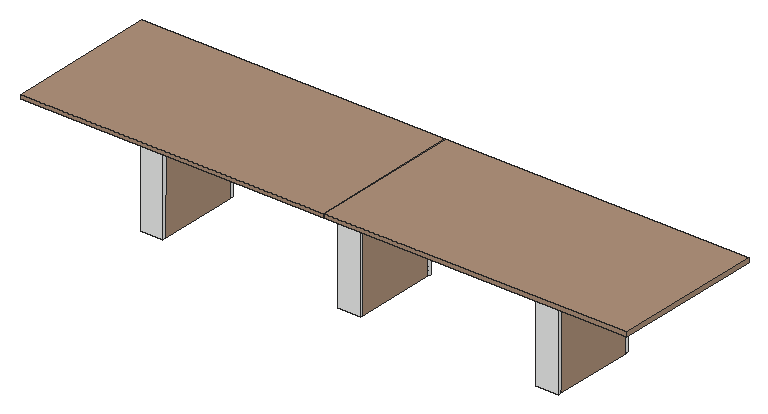
Revit family "Tables-Meeting-Teknion-BC_CHP_Height_Adjustable_Conference_Table_Panel_Bases-R2019", category Furniture, Revit 2019
Family settings
  OmniClass Number = 23.40.20.00
  OmniClass Title = General Furniture and Specialties
  Work Plane-Based = No
  Always vertical = Yes
  Cut with Voids When Loaded = No
  Shared = Yes
  Room Calculation Point = No
Parameters (values of type "1 3/16" Worksurface Thickness, Standard Range, 42" Depth")
  Worksurface Thickness = 1.189"
  Worksurface Finish [instance] = Source Laminate - Teknion - 3M - Provincial Oak
  Width [instance] = 168.000"
  Warranty = "http://www.teknion.com/ca/papers/legal-canada"
  Unit Weight URL = "http://www.teknion.com/ca/tools/assets#&asset=bee6a381-b954-425e-8283-5a2de3a804f2,f828d448-4b62-4231-9e5f-9a8991c0ed77"
  URL = "www.teknion.com"
  Two Sections [instance] = Width < 150.000"  # no
  To render please download texture images found here [instance] = "https://assets.teknion.com/web/5e81352c1dfdb467/revit-material-swatches/"
  Three Sections [instance] = not(Two Sections)  # yes
  Sustainability Data = "https://www.teknion.com/ca/tools/assets#&topic=216f99a5-57a0-44fc-b10a-9dee9b29ae4c&asset=444deb64-fe58-4b68-981e-f75e97781df7,b4ff2d81-9f2e-437d-9659-7cffb09c31cf"
  Support Finish [instance] = Paint - Teknion - Mica - Very White
  Straight Corner [instance] = not(Radius Corner)  # yes
  Series = "Expansion Casegoods"  # constant formula
  Radius Corner [instance] = no
  Round Corner Offset [instance] = if(Radius Corner, 4.000", 0.500")  # 0.500"
  Product Page URL = "https://www.teknion.com/ca/products/product-details?productlineid=0053336e-8e7a-673b-a6c8-ff00004460c4"
  Product Line = "Expansion Casegoods"  # constant formula
  Product Documentation Link = "https://www.teknion.com/pricing/expansion-casegoods/pdfs/BC_CHP_ppg.pdf"
  Power Pill Quad [instance] = no
  Power Pill Cut-Out Options [instance] = "Select one of the options below. Linear Power Module Extended 18\" is not available with 156\" and 168\" Width options."  # constant formula
  Power [instance] = if(Power Pill Quad, 4.000", 0.500")  # 0.500"
  Part Number = "BC_CHP"  # constant formula
  No Cut-Out [instance] = not(or([Linear Power Module Extended  28"], [Linear Power Module Standard 18"], Power Pill Quad))  # yes
  Model = "BCMCHPS42_____"
  Manufacturer Phone = "416-661-3370"  # constant formula
  Manufacturer Fax = "416.661.4586"  # constant formula
  Manufacturer Contact Information = "http://www.teknion.com/ca/contactus"
  Manufacturer Address = "1150 Flint Road, Toronto, ON. M3J 2J5. Canada"  # constant formula
  Manufacturer = "Teknion"  # constant formula
  Linear Power Module Standard 18" [instance] = no
  Linear Power Module Extended  28" [instance] = no
  Linear 28 [instance] = if([Linear Power Module Extended  28"], 4.000", 0.500")  # 0.500"
  Linear 18 [instance] = if([Linear Power Module Standard 18"], 4.000", 0.500")  # 0.500"
  Leg Offset [instance] = if(Width = 108.000", 20.112", if(Width = 120.000", 21.112", if(Width = 132.000", 23.112", if(Width = 144.000", 27.112", if(Width = 156.000", 25.112", 29.112")))))  # 29.112"
  How To Use Teknion Materials User Guide [instance] = "https://assets.teknion.com/m/205dd0a49fa58060/original/How-to-add-a-Material-Library-and-Texture-Images-to-your-Revit-project.pdf"
  Height [instance] = 29.000"
  Frame Depth = if(Depth > 53.000", 40.819", 34.819")  # 34.819"
  For Additional Finishes please visit [instance] = "https://assets.teknion.com/m/44a8009b046e5d47/original/Teknion_Materials_Library.zip"
  Description = "Height-Adjustable Conference Table - Panel Base, 1 3/16\" Worksurface Thickness, Standard Range - 28\" to 43\", 42\" Depth"
  Depth = 41.790"
  Corner Detail Option [instance] = "Select one of the options below"  # constant formula
  Base Infill Finish [instance] = Source Laminate - Teknion - 3M - Provincial Oak
  Available Widths [instance] = if(Depth > 53.000", "120\", 132\", 144\", 156\", or 168\"", "108\", 120\", 132\", 144\", 156\", or 168\"")  # "108\", 120\", 132\", 144\", 156\", or 168\""
  Available Heights [instance] = "Standard Range - 28\" to 43\""  # constant formula
  Assembly Code = "E2020200"
  Actual Width [instance] = if(Width = 108.000", 107.460", if(Width = 120.000", 119.460", if(Width = 132.000", 131.340", if(Width = 144.000", 143.280", if(Width = 156.000", 155.220", 167.160")))))  # 167.160"
Reference planes (in)
  plane 1 "Center Front/Back": y = 0
  plane 2: z = 0
  plane 3 "Center Left/Right": x = 0
  plane 4 "Left": x = -83.58
  plane 5 "Right": x = 83.58
  plane 6 "Back": y = 20.895
  plane 7 "Front": y = -20.895
  plane 8 "Top": z = 29
  plane 9: y = 17.4095
  plane 10: y = -17.4095
  plane 11: x = -54.468
  plane 12: x = 54.468
  plane 13: z = 27.811
  plane 14: z = 0.60236
  plane 15: z = 26.05315
  plane 16: z = 26.60628
Forms (in)
  Sweep 1, solid, material "Paint - Teknion - Mica - Very White" <- "Support Finish"
    path origin (0, 0, 0) x (1, 0, 0) y (0, 1, 0)
      loop
        line (-71.58, 0) -> (71.58, 0)
    profile origin (0, 0, 0) x (0, 1, 0) y (0, 0, 1)
      loop
        line (17.4095, 27.811) -> (12.92126, 27.811) -> (12.92126, 27.69289) -> (13.3937, 27.69289) -> (13.3937, 26.60628) -> (16.93701, 26.60628) -> (16.93701, 27.69289) -> (17.4095, 27.69289) -> (17.4095, 27.811)
      loop
        line (-12.92126, 27.811) -> (-17.4095, 27.811) -> (-17.4095, 27.69289) -> (-16.93706, 27.69289) -> (-16.93706, 26.60628) -> (-13.39375, 26.60628) -> (-13.39375, 27.69289) -> (-12.92126, 27.69289) -> (-12.92126, 27.811)
  Sweep 2, solid, material "Source Laminate - Teknion - 3M - Provincial Oak" <- "Worksurface Finish"
    path origin (0, 0, 0) x (1, 0, 0) y (0, 0, 1)
      loop
        line (0, 27.811) -> (0, 29)
    profile origin (0, 0, 28.4055) x (-1, 0, 0) y (0, -1, 0)
      loop
        line (83.58, -20.895) -> (83.58, 20.895) -> (0, 20.895) -> (0, -20.895) -> (83.58, -20.895)
  Sweep 3, solid, material "Source Laminate - Teknion - 3M - Provincial Oak" <- "Worksurface Finish"
    path origin (0, 0, 0) x (1, 0, 0) y (0, 0, 1)
      loop
        line (0, 27.811) -> (0, 29)
    profile origin (0, 0, 28.4055) x (-1, 0, 0) y (0, -1, 0)
      loop
        line (0, -20.895) -> (0, 20.895) -> (-83.58, 20.895) -> (-83.58, -20.895) -> (0, -20.895)
  Sweep 4, solid, material "Paint - Teknion - Mica - Very White" <- "Support Finish"
    path origin (0, 0, 0) x (1, 0, 0) y (0, 1, 0)
      loop
        line (-58.20795, 0) -> (-50.72764, 0)
    profile origin (-54.4678, 0, 0) x (0, 1, 0) y (0, 0, 1)
      loop
        line (13.3937, 26.82677) -> (13.3937, 27.811) -> (-13.3937, 27.811) -> (-13.3937, 26.82677) -> (-13.20472, 26.82677) -> (-13.20472, 27.62205) -> (13.20472, 27.62205) -> (13.20472, 26.82677) -> (13.3937, 26.82677)
  Sweep 5, solid, material "Paint - Teknion - Mica - Very White" <- "Support Finish", visible <- "Three Sections"
    path origin (0, 0, 0) x (1, 0, 0) y (0, 1, 0)
      loop
        line (-3.74016, 0) -> (3.74016, 0)
    profile origin (0, 0, 0) x (0, 1, 0) y (0, 0, 1)
      loop
        line (13.20472, 26.82677) -> (13.3937, 26.82677) -> (13.3937, 27.811) -> (-13.3937, 27.811) -> (-13.3937, 26.82677) -> (-13.20472, 26.82677) -> (-13.20472, 27.62205) -> (13.20472, 27.62205) -> (13.20472, 26.82677)
  Sweep 6, solid, material "Paint - Teknion - Mica - Very White" <- "Support Finish", not visible
    path origin (0, 0, 0) x (1, 0, 0) y (0, 1, 0)
      loop
        line (50.72764, 0) -> (58.20795, 0)
    profile origin (54.4678, 0, 0) x (0, 1, 0) y (0, 0, 1)
      loop
        line (13.20472, 26.82677) -> (13.3937, 26.82677) -> (13.3937, 27.811) -> (-13.3937, 27.811) -> (-13.3937, 26.82677) -> (-13.20472, 26.82677) -> (-13.20472, 27.62205) -> (13.20472, 27.62205) -> (13.20472, 26.82677)
  Sweep 7, solid, material "Paint - Teknion - Mica - Very White" <- "Support Finish"
    path origin (0, 0, 0) x (1, 0, 0) y (0, 0, 1)
      loop
        line (0, 0.60236) -> (0, 26.05315)
    profile origin (0, 0, 13.32776) x (-1, 0, 0) y (0, -1, 0)
      loop
        line (-57.58, -12) -> (-51.35559, -12) -> (-51.35559, -11.17323) -> (-52.05638, -11.17323) -> (-52.05638, -11.13386) -> (-56.87921, -11.13386) -> (-56.87921, -11.17323) -> (-57.58, -11.17323) -> (-57.58, -12)
      loop
        line (-51.35559, 12) -> (-57.58, 12) -> (-57.58, 11.17323) -> (-56.87921, 11.17323) -> (-56.87921, 11.13386) -> (-52.05638, 11.13386) -> (-52.05638, 11.17323) -> (-51.35559, 11.17323) -> (-51.35559, 12)
      loop
        line (51.35559, -12) -> (57.58, -12) -> (57.58, -11.17323) -> (56.87921, -11.17323) -> (56.87921, -11.13386) -> (52.05638, -11.13386) -> (52.05638, -11.17323) -> (51.35559, -11.17323) -> (51.35559, -12)
      loop
        line (57.58, 12) -> (51.35559, 12) -> (51.35559, 11.17323) -> (52.05638, 11.17323) -> (52.05638, 11.13386) -> (56.87921, 11.13386) -> (56.87921, 11.17323) -> (57.58, 11.17323) -> (57.58, 12)
  Sweep 8, solid, material "Source Laminate - Teknion - 3M - Provincial Oak" <- "Base Infill Finish"
    path origin (0, 0, 0) x (1, 0, 0) y (0, 1, 0)
      loop
        line (0, -11.13386) -> (0, 11.13386)
    profile origin (0, 0, 0) x (-1, 0, 0) y (0, 0, 1)
      loop
        line (57.58, 0.60236) -> (57.58, 26.05315) -> (56.87921, 26.05315) -> (56.87921, 0.60236) -> (57.58, 0.60236)
      loop
        line (52.05638, 26.05315) -> (51.35559, 26.05315) -> (51.35559, 0.60236) -> (52.05638, 0.60236) -> (52.05638, 26.05315)
      loop
        line (-51.35559, 26.05315) -> (-52.05638, 26.05315) -> (-52.05638, 0.60236) -> (-51.35559, 0.60236) -> (-51.35559, 26.05315)
      loop
        line (-57.58, 0.60236) -> (-56.87921, 0.60236) -> (-56.87921, 26.05315) -> (-57.58, 26.05315) -> (-57.58, 0.60236)
  Sweep 9, solid, material "Paint - Teknion - Mica - Very White" <- "Support Finish"
    path origin (0, 0, 0) x (1, 0, 0) y (0, 0, 1)
      loop
        line (0, 10.45669) -> (0, 27.811)
    profile origin (0, 0, 19.13385) x (-1, 0, 0) y (0, -1, 0)
      loop
        line (52.32606, -10.8937) -> (56.60953, -10.8937) -> (56.60953, 10.8937) -> (52.32606, 10.8937) -> (52.32606, -10.8937)
      loop
        line (52.49929, -2.68504) -> (56.4363, -2.68504) -> (56.4363, 2.68504) -> (52.49929, 2.68504) -> (52.49929, -2.68504)
      loop
        line (-52.32606, -10.8937) -> (-52.32606, 10.8937) -> (-56.60953, 10.8937) -> (-56.60953, -10.8937) -> (-52.32606, -10.8937)
      loop
        line (-52.49929, -2.68504) -> (-52.49929, 2.68504) -> (-56.4363, 2.68504) -> (-56.4363, -2.68504) -> (-52.49929, -2.68504)
  Sweep 10, solid, material "Source Laminate - Teknion - 3M - Provincial Oak" <- "Base Infill Finish", visible <- "Three Sections"
    path origin (0, 0, 0) x (1, 0, 0) y (0, 1, 0)
      loop
        line (0, -11.13386) -> (0, 11.13386)
    profile origin (0, 0, 0) x (-1, 0, 0) y (0, 0, 1)
      loop
        line (3.1122, 26.05315) -> (2.41142, 26.05315) -> (2.41142, 0.60236) -> (3.1122, 0.60236) -> (3.1122, 26.05315)
      loop
        line (-2.41142, 0.60236) -> (-2.41142, 26.05315) -> (-3.1122, 26.05315) -> (-3.1122, 0.60236) -> (-2.41142, 0.60236)
  Sweep 11, solid, material "Paint - Teknion - Mica - Very White" <- "Support Finish", visible <- "Three Sections"
    path origin (0, 0, 0) x (1, 0, 0) y (0, 0, 1)
      loop
        line (0, 0.60236) -> (0, 26.05315)
    profile origin (0, 0, 13.32776) x (-1, 0, 0) y (0, -1, 0)
      loop
        line (-3.1122, -12) -> (3.1122, -12) -> (3.1122, -11.17323) -> (2.41142, -11.17323) -> (2.41142, -11.13386) -> (-2.41142, -11.13386) -> (-2.41142, -11.17323) -> (-3.1122, -11.17323) -> (-3.1122, -12)
      loop
        line (3.1122, 12) -> (-3.1122, 12) -> (-3.1122, 11.17323) -> (-2.41142, 11.17323) -> (-2.41142, 11.13386) -> (2.41142, 11.13386) -> (2.41142, 11.17323) -> (3.1122, 11.17323) -> (3.1122, 12)
  Sweep 12, solid, material "Paint - Teknion - Mica - Very White" <- "Support Finish", visible <- "Three Sections"
    path origin (0, 0, 0) x (1, 0, 0) y (0, 0, 1)
      loop
        line (0, 27.811) -> (0, 10.45669)
    profile origin (0, 0, 19.13385) x (0, -1, 0) y (1, 0, 0)
      loop
        line (-10.8937, -2.14173) -> (10.8937, -2.14173) -> (10.8937, 2.14173) -> (-10.8937, 2.14173) -> (-10.8937, -2.14173)
      loop
        line (-2.68504, -1.9685) -> (2.68504, -1.9685) -> (2.68504, 1.9685) -> (-2.68504, 1.9685) -> (-2.68504, -1.9685)
  Sweep 13, solid, material "Paint - Teknion - Mica - Very White" <- "Support Finish"
    path origin (0, 0, 0) x (1, 0, 0) y (0, 0, 1)
      loop
        line (0, 0.60236) -> (0, 0.79134)
    profile origin (0, 0, 0.69685) x (-1, 0, 0) y (0, -1, 0)
      loop
        line (52.2611, 7.68858) -> (56.67449, 7.68858) -> (56.67449, 11.13386) -> (52.2611, 11.13386) -> (52.2611, 7.68858)
      loop
        line (56.67449, -7.68858) -> (52.2611, -7.68858) -> (52.2611, -11.13386) -> (56.67449, -11.13386) -> (56.67449, -7.68858)
      loop
        line (-52.2611, -7.68858) -> (-56.67449, -7.68858) -> (-56.67449, -11.13386) -> (-52.2611, -11.13386) -> (-52.2611, -7.68858)
      loop
        line (-56.67449, 7.68858) -> (-52.2611, 7.68858) -> (-52.2611, 11.13386) -> (-56.67449, 11.13386) -> (-56.67449, 7.68858)
  Sweep 14, solid, material "Paint - Teknion - Mica - Very White" <- "Support Finish", visible <- "Three Sections"
    path origin (0, 0, 0) x (1, 0, 0) y (0, 0, 1)
      loop
        line (0, 0.60236) -> (0, 0.79134)
    profile origin (0, 0, 0.69685) x (-1, 0, 0) y (0, -1, 0)
      loop
        line (2.20669, -7.68858) -> (-2.20669, -7.68858) -> (-2.20669, -11.13386) -> (2.20669, -11.13386) -> (2.20669, -7.68858)
      loop
        line (-2.20669, 7.68858) -> (2.20669, 7.68858) -> (2.20669, 11.13386) -> (-2.20669, 11.13386) -> (-2.20669, 7.68858)
  Sweep 15, solid, material "Plastic - Teknion - E - Ebony"
    path origin (0, 0, 0) x (1, 0, 0) y (0, 0, 1)
      loop
        line (0, 0) -> (0, 0.60236)
    profile origin (0, 0, 0.30118) x (-1, 0, 0) y (0, -1, 0)
      loop
        circle (54.468, 9.62166) r 0.5
      loop
        circle (54.468, -9.62166) r 0.5
      loop
        circle (-54.468, 9.62166) r 0.5
      loop
        circle (-54.468, -9.62166) r 0.5
  Sweep 16, solid, material "Paint - Teknion - Mica - Very White" <- "Support Finish", visible <- "Two Sections"
    path origin (0, 0, 0) x (1, 0, 0) y (0, 1, 0)
      loop
        line (-50.35559, 0) -> (50.35559, 0)
    profile origin (0, 0, 0) x (0, 1, 0) y (0, 0, 1)
      loop
        line (4.23228, 27.811) -> (-4.23228, 27.811) -> (-4.23228, 24.18898) -> (4.23228, 24.18898) -> (4.23228, 27.811)
  Sweep 17, solid, material "Paint - Teknion - Mica - Very White" <- "Support Finish", visible <- "Three Sections"
    path origin (0, 0, 0) x (1, 0, 0) y (0, 1, 0)
      loop
        line (0, -4.23228) -> (0, 4.23228)
    profile origin (0, 0, 0) x (-1, 0, 0) y (0, 0, 1)
      loop
        line (50.35559, 24.18898) -> (50.35559, 27.811) -> (4.1122, 27.811) -> (4.1122, 24.18898) -> (50.35559, 24.18898)
      loop
        line (-50.35559, 24.18898) -> (-4.1122, 24.18898) -> (-4.1122, 27.811) -> (-50.35559, 27.811) -> (-50.35559, 24.18898)
  Sweep 18, void
    path origin (0, 0, 0) x (1, 0, 0) y (0, 0, 1)
      loop
        line (0, 26) -> (0, 26.5)
    profile origin (0, 0, 26.25) x (-1, 0, 0) y (0, -1, 0)
      loop
        line (83.58, -20.895) -> (83.58, -18.02)
        arc (83.58, -18.02) -> (82.73793, -20.05293) -> (80.705, -20.895) r 2.875
        line (80.705, -20.895) -> (83.58, -20.895)
      loop
        line (83.58, 20.895) -> (80.705, 20.895)
        arc (80.705, 20.895) -> (82.73793, 20.05293) -> (83.58, 18.02) r 2.875
        line (83.58, 18.02) -> (83.58, 20.895)
      loop
        line (-83.58, -20.895) -> (-80.705, -20.895)
        arc (-80.705, -20.895) -> (-82.73793, -20.05293) -> (-83.58, -18.02) r 2.875
        line (-83.58, -18.02) -> (-83.58, -20.895)
      loop
        line (-83.58, 20.895) -> (-83.58, 18.02)
        arc (-83.58, 18.02) -> (-82.73793, 20.05293) -> (-80.705, 20.895) r 2.875
        line (-80.705, 20.895) -> (-83.58, 20.895)
  Sweep 19, void
    path origin (0, 0, 0) x (1, 0, 0) y (0, 0, 1)
      loop
        line (0, 26) -> (0, 26.5)
    profile origin (0, 0, 26.25) x (-1, 0, 0) y (0, -1, 0)
      loop
        line (33.24142, -2.32283) -> (50.01307, -2.32283) -> (50.01307, 2.32283) -> (33.24142, 2.32283) -> (33.24142, -2.32283)
      loop
        line (-33.24142, 2.32283) -> (-50.01307, 2.32283) -> (-50.01307, -2.32283) -> (-33.24142, -2.32283) -> (-33.24142, 2.32283)
  Sweep 20, void
    path origin (0, 0, 0) x (1, 0, 0) y (0, 0, 1)
      loop
        line (0, 26) -> (0, 26.5)
    profile origin (0, 0, 26.25) x (-1, 0, 0) y (0, -1, 0)
      loop
        line (13.4252, -2.32283) -> (13.4252, 2.32283) -> (-13.4252, 2.32283) -> (-13.4252, -2.32283) -> (13.4252, -2.32283)
  Sweep 21, void
    path origin (0, 0, 0) x (1, 0, 0) y (0, 0, 1)
      loop
        line (0, 26.5) -> (0, 26)
    profile origin (0, 0, 26.25) x (0, -1, 0) y (1, 0, 0)
      loop
        arc (-1.65354, -47.21583) -> (0, -48.86937) -> (1.65354, -47.21583) r 1.65354
        line (1.65354, -47.21583) -> (1.65354, -42.72764)
        arc (1.65354, -42.72764) -> (0, -41.0741) -> (-1.65354, -42.72764) r 1.65354
        line (-1.65354, -42.72764) -> (-1.65354, -47.21583)
      loop
        arc (-1.65354, 42.72764) -> (0, 41.0741) -> (1.65354, 42.72764) r 1.65354
        line (1.65354, 42.72764) -> (1.65354, 47.21583)
        arc (1.65354, 47.21583) -> (0, 48.86937) -> (-1.65354, 47.21583) r 1.65354
        line (-1.65354, 47.21583) -> (-1.65354, 42.72764)
  Sweep 22, solid, material "Plastic - Teknion - E - Ebony", visible <- "Three Sections"
    path origin (0, 0, 0) x (1, 0, 0) y (0, 0, 1)
      loop
        line (0, 0) -> (0, 0.60236)
    profile origin (0, 0, 0.30118) x (-1, 0, 0) y (0, -1, 0)
      loop
        circle (0, 9.62166) r 0.5
      loop
        circle (0, -9.62166) r 0.5
Cuts and joins
  Sweep 18, Sweep 19, Sweep 20, Sweep 21 cuts Sweep 2
  Sweep 18, Sweep 19, Sweep 20, Sweep 21 cuts Sweep 3
Lines and regions (in)
  Masking region 1, visible <- "Straight Corner"
    outline origin (0, 0, 0) x (1, 0, 0) y (0, 1, 0)
      loop
        line (-83.58, 20.895) -> (-83.58, -20.895) -> (0, -20.895) -> (0, 20.895) -> (-83.58, 20.895)
  Masking region 2, visible <- "Straight Corner"
    outline origin (0, 0, 0) x (1, 0, 0) y (0, 1, 0)
      loop
        line (0, 20.895) -> (0, -20.895) -> (83.58, -20.895) -> (83.58, 20.895) -> (0, 20.895)
  Masking region 3, visible <- "Radius Corner"
    outline origin (0, 0, 0) x (1, 0, 0) y (0, 1, 0)
      loop
        line (0, 20.895) -> (-80.705, 20.895)
        arc (-80.705, 20.895) -> (-82.73793, 20.05293) -> (-83.58, 18.02) r 2.875
        line (-83.58, 18.02) -> (-83.58, -18.02)
        arc (-83.58, -18.02) -> (-82.73793, -20.05293) -> (-80.705, -20.895) r 2.875
        line (-80.705, -20.895) -> (0, -20.895) -> (0, 20.895)
  Masking region 4, visible <- "Radius Corner"
    outline origin (0, 0, 0) x (1, 0, 0) y (0, 1, 0)
      loop
        line (0, -20.895) -> (80.705, -20.895)
        arc (80.705, -20.895) -> (82.73793, -20.05293) -> (83.58, -18.02) r 2.875
        line (83.58, -18.02) -> (83.58, 18.02)
        arc (83.58, 18.02) -> (82.73793, 20.05293) -> (80.705, 20.895) r 2.875
        line (80.705, 20.895) -> (0, 20.895) -> (0, -20.895)
  reference lines
    curve 1: line (405.64152, -39.94355, 0) -> (405.64152, -47.44355, 0)
    curve 2: line (410.06039, -83.48743, 0) -> (410.06039, -91.98743, 0)
    curve 3: line (414.03039, -127.73298, 0) -> (414.03039, -137.48298, 0)
    curve 4: line (415.68435, -171.34645, 0) -> (415.68435, -180.34645, 0)
    curve 5: line (425.55059, -215.59199, 0) -> (425.55059, -224.59199, 0)
    curve 6: line (426.76468, -260.6404, 0) -> (426.76468, -267.1404, 0)
    curve 195: line (83.58, 20.895, 0) -> (83.58, -20.895, 0)
    curve 196: line (-83.58, 20.895, 0) -> (-83.58, -20.895, 0)
  symbolic lines, style "FurnitureHiddenLines", detail levels medium+fine
    curve 7: line (-71.58, 17.4095, 0) -> (-71.58, 12.92126, 0)
    curve 8: line (-71.58, 12.92126, 0) -> (71.58, 12.92126, 0)
    curve 9: line (71.58, 12.92126, 0) -> (71.58, 17.4095, 0)
    curve 10: line (71.58, 17.4095, 0) -> (-71.58, 17.4095, 0)
    curve 11: line (-71.58, -17.4095, 0) -> (71.58, -17.4095, 0)
    curve 12: line (71.58, -17.4095, 0) -> (71.58, -12.92126, 0)
    curve 13: line (71.58, -12.92126, 0) -> (-71.58, -12.92126, 0)
    curve 14: line (-71.58, -12.92126, 0) -> (-71.58, -17.4095, 0)
    curve 15: line (-50.72764, -13.3937, 0) -> (-50.72764, 13.3937, 0)
    curve 16: line (-50.72764, 13.3937, 0) -> (-58.20795, 13.3937, 0)
    curve 17: line (-58.20795, 13.3937, 0) -> (-58.20795, -13.3937, 0)
    curve 18: line (-58.20795, -13.3937, 0) -> (-50.72764, -13.3937, 0)
    curve 19: line (50.72764, 13.3937, 0) -> (50.72764, -13.3937, 0)
    curve 20: line (50.72764, -13.3937, 0) -> (58.20795, -13.3937, 0)
    curve 21: line (58.20795, -13.3937, 0) -> (58.20795, 13.3937, 0)
    curve 22: line (58.20795, 13.3937, 0) -> (50.72764, 13.3937, 0)
    curve 35: line (-57.58, 11.13386, 0) -> (-57.58, -11.13386, 0)
    curve 36: line (-57.58, -11.13386, 0) -> (-56.87921, -11.13386, 0)
    curve 37: line (-56.87921, -11.13386, 0) -> (-56.87921, 11.13386, 0)
    curve 38: line (-56.87921, 11.13386, 0) -> (-57.58, 11.13386, 0)
    curve 39: line (-51.35559, -11.13386, 0) -> (-51.35559, 11.13386, 0)
    curve 40: line (-51.35559, 11.13386, 0) -> (-52.05638, 11.13386, 0)
    curve 41: line (-52.05638, 11.13386, 0) -> (-52.05638, -11.13386, 0)
    curve 42: line (-52.05638, -11.13386, 0) -> (-51.35559, -11.13386, 0)
    curve 43: line (51.35559, 11.13386, 0) -> (51.35559, -11.13386, 0)
    curve 44: line (51.35559, -11.13386, 0) -> (52.05638, -11.13386, 0)
    curve 45: line (52.05638, -11.13386, 0) -> (52.05638, 11.13386, 0)
    curve 46: line (52.05638, 11.13386, 0) -> (51.35559, 11.13386, 0)
    curve 47: line (57.58, -11.13386, 0) -> (57.58, 11.13386, 0)
    curve 48: line (57.58, 11.13386, 0) -> (56.87921, 11.13386, 0)
    curve 49: line (56.87921, 11.13386, 0) -> (56.87921, -11.13386, 0)
    curve 50: line (56.87921, -11.13386, 0) -> (57.58, -11.13386, 0)
    curve 51: line (-51.35559, 12, 0) -> (-57.58, 12, 0)
    curve 52: line (-57.58, 12, 0) -> (-57.58, 11.17323, 0)
    curve 53: line (-57.58, 11.17323, 0) -> (-56.87921, 11.17323, 0)
    curve 54: line (-56.87921, 11.17323, 0) -> (-56.87921, 11.13386, 0)
    curve 55: line (-56.87921, 11.13386, 0) -> (-52.05638, 11.13386, 0)
    curve 56: line (-52.05638, 11.13386, 0) -> (-52.05638, 11.17323, 0)
    curve 57: line (-52.05638, 11.17323, 0) -> (-51.35559, 11.17323, 0)
    curve 58: line (-51.35559, 11.17323, 0) -> (-51.35559, 12, 0)
    curve 59: line (-57.58, -12, 0) -> (-51.35559, -12, 0)
    curve 60: line (-51.35559, -12, 0) -> (-51.35559, -11.17323, 0)
    curve 61: line (-51.35559, -11.17323, 0) -> (-52.05638, -11.17323, 0)
    curve 62: line (-52.05638, -11.17323, 0) -> (-52.05638, -11.13386, 0)
    curve 63: line (-52.05638, -11.13386, 0) -> (-56.87921, -11.13386, 0)
    curve 64: line (-56.87921, -11.13386, 0) -> (-56.87921, -11.17323, 0)
    curve 65: line (-56.87921, -11.17323, 0) -> (-57.58, -11.17323, 0)
    curve 66: line (-57.58, -11.17323, 0) -> (-57.58, -12, 0)
    curve 67: line (57.58, 12, 0) -> (51.35559, 12, 0)
    curve 68: line (51.35559, 12, 0) -> (51.35559, 11.17323, 0)
    curve 69: line (51.35559, 11.17323, 0) -> (52.05638, 11.17323, 0)
    curve 70: line (52.05638, 11.17323, 0) -> (52.05638, 11.13386, 0)
    curve 71: line (52.05638, 11.13386, 0) -> (56.87921, 11.13386, 0)
    curve 72: line (56.87921, 11.13386, 0) -> (56.87921, 11.17323, 0)
    curve 73: line (56.87921, 11.17323, 0) -> (57.58, 11.17323, 0)
    curve 74: line (57.58, 11.17323, 0) -> (57.58, 12, 0)
    curve 75: line (51.35559, -12, 0) -> (57.58, -12, 0)
    curve 76: line (57.58, -12, 0) -> (57.58, -11.17323, 0)
    curve 77: line (57.58, -11.17323, 0) -> (56.87921, -11.17323, 0)
    curve 78: line (56.87921, -11.17323, 0) -> (56.87921, -11.13386, 0)
    curve 79: line (56.87921, -11.13386, 0) -> (52.05638, -11.13386, 0)
    curve 80: line (52.05638, -11.13386, 0) -> (52.05638, -11.17323, 0)
    curve 81: line (52.05638, -11.17323, 0) -> (51.35559, -11.17323, 0)
    curve 82: line (51.35559, -11.17323, 0) -> (51.35559, -12, 0)
    curve 83: line (-56.67449, 7.68858, 0) -> (-52.2611, 7.68858, 0)
    curve 84: line (-52.2611, 7.68858, 0) -> (-52.2611, 11.13386, 0)
    curve 85: line (-52.2611, 11.13386, 0) -> (-56.67449, 11.13386, 0)
    curve 86: line (-56.67449, 11.13386, 0) -> (-56.67449, 7.68858, 0)
    curve 87: line (-52.2611, -7.68858, 0) -> (-56.67449, -7.68858, 0)
    curve 88: line (-56.67449, -7.68858, 0) -> (-56.67449, -11.13386, 0)
    curve 89: line (-56.67449, -11.13386, 0) -> (-52.2611, -11.13386, 0)
    curve 90: line (-52.2611, -11.13386, 0) -> (-52.2611, -7.68858, 0)
    curve 91: line (52.2611, 7.68858, 0) -> (56.67449, 7.68858, 0)
    curve 92: line (56.67449, 7.68858, 0) -> (56.67449, 11.13386, 0)
    curve 93: line (56.67449, 11.13386, 0) -> (52.2611, 11.13386, 0)
    curve 94: line (52.2611, 11.13386, 0) -> (52.2611, 7.68858, 0)
    curve 95: line (56.67449, -7.68858, 0) -> (52.2611, -7.68858, 0)
    curve 96: line (52.2611, -7.68858, 0) -> (52.2611, -11.13386, 0)
    curve 97: line (52.2611, -11.13386, 0) -> (56.67449, -11.13386, 0)
    curve 98: line (56.67449, -11.13386, 0) -> (56.67449, -7.68858, 0)
  symbolic lines, style "FurnitureHiddenLines", visible <- "Two Sections", detail levels medium+fine
    curve 23: line (50.35559, 4.23228, 0) -> (-50.35559, 4.23228, 0)
    curve 24: line (-50.35559, 4.23228, 0) -> (-50.35559, -4.23228, 0)
    curve 25: line (-50.35559, -4.23228, 0) -> (50.35559, -4.23228, 0)
    curve 26: line (50.35559, -4.23228, 0) -> (50.35559, 4.23228, 0)
  symbolic lines, style "FurnitureHiddenLines", visible <- "Three Sections", detail levels medium+fine
    curve 27: line (-4.1122, -4.23228, 0) -> (-4.1122, 4.23228, 0)
    curve 28: line (-4.1122, 4.23228, 0) -> (-50.35559, 4.23228, 0)
    curve 29: line (-50.35559, 4.23228, 0) -> (-50.35559, -4.23228, 0)
    curve 30: line (-50.35559, -4.23228, 0) -> (-4.1122, -4.23228, 0)
    curve 31: line (4.1122, 4.23228, 0) -> (4.1122, -4.23228, 0)
    curve 32: line (4.1122, -4.23228, 0) -> (50.35559, -4.23228, 0)
    curve 33: line (50.35559, -4.23228, 0) -> (50.35559, 4.23228, 0)
    curve 34: line (50.35559, 4.23228, 0) -> (4.1122, 4.23228, 0)
    curve 123: line (-3.74016, 13.3937, 0) -> (-3.74016, -13.3937, 0)
    curve 124: line (-3.74016, -13.3937, 0) -> (3.74016, -13.3937, 0)
    curve 125: line (3.74016, -13.3937, 0) -> (3.74016, 13.3937, 0)
    curve 126: line (3.74016, 13.3937, 0) -> (-3.74016, 13.3937, 0)
    curve 127: line (-3.1122, 11.13386, 0) -> (-3.1122, -11.13386, 0)
    curve 128: line (-3.1122, -11.13386, 0) -> (-2.41142, -11.13386, 0)
    curve 129: line (-2.41142, -11.13386, 0) -> (-2.41142, 11.13386, 0)
    curve 130: line (-2.41142, 11.13386, 0) -> (-3.1122, 11.13386, 0)
    curve 131: line (3.1122, -11.13386, 0) -> (3.1122, 11.13386, 0)
    curve 132: line (3.1122, 11.13386, 0) -> (2.41142, 11.13386, 0)
    curve 133: line (2.41142, 11.13386, 0) -> (2.41142, -11.13386, 0)
    curve 134: line (2.41142, -11.13386, 0) -> (3.1122, -11.13386, 0)
    curve 135: line (3.1122, 12, 0) -> (-3.1122, 12, 0)
    curve 136: line (-3.1122, 12, 0) -> (-3.1122, 11.17323, 0)
    curve 137: line (-3.1122, 11.17323, 0) -> (-2.41142, 11.17323, 0)
    curve 138: line (-2.41142, 11.17323, 0) -> (-2.41142, 11.13386, 0)
    curve 139: line (-2.41142, 11.13386, 0) -> (2.41142, 11.13386, 0)
    curve 140: line (2.41142, 11.13386, 0) -> (2.41142, 11.17323, 0)
    curve 141: line (2.41142, 11.17323, 0) -> (3.1122, 11.17323, 0)
    curve 142: line (3.1122, 11.17323, 0) -> (3.1122, 12, 0)
    curve 143: line (-3.1122, -12, 0) -> (3.1122, -12, 0)
    curve 144: line (3.1122, -12, 0) -> (3.1122, -11.17323, 0)
    curve 145: line (3.1122, -11.17323, 0) -> (2.41142, -11.17323, 0)
    curve 146: line (2.41142, -11.17323, 0) -> (2.41142, -11.13386, 0)
    curve 147: line (2.41142, -11.13386, 0) -> (-2.41142, -11.13386, 0)
    curve 148: line (-2.41142, -11.13386, 0) -> (-2.41142, -11.17323, 0)
    curve 149: line (-2.41142, -11.17323, 0) -> (-3.1122, -11.17323, 0)
    curve 150: line (-3.1122, -11.17323, 0) -> (-3.1122, -12, 0)
    curve 151: line (2.20669, -7.68858, 0) -> (-2.20669, -7.68858, 0)
    curve 152: line (-2.20669, -7.68858, 0) -> (-2.20669, -11.13386, 0)
    curve 153: line (-2.20669, -11.13386, 0) -> (2.20669, -11.13386, 0)
    curve 154: line (2.20669, -11.13386, 0) -> (2.20669, -7.68858, 0)
    curve 155: line (-2.20669, 7.68858, 0) -> (2.20669, 7.68858, 0)
    curve 156: line (2.20669, 7.68858, 0) -> (2.20669, 11.13386, 0)
    curve 157: line (2.20669, 11.13386, 0) -> (-2.20669, 11.13386, 0)
    curve 158: line (-2.20669, 11.13386, 0) -> (-2.20669, 7.68858, 0)
  symbolic lines, style "FurnitureHiddenLines", detail levels fine
    curve 99: arc (-54.968, 9.62166, 0) -> (-54.468, 9.12166, 0) -> (-53.968, 9.62166, 0) r 0.5
    curve 100: arc (-53.968, 9.62166, 0) -> (-54.468, 10.12166, 0) -> (-54.968, 9.62166, 0) r 0.5
    curve 101: arc (-53.968, -9.62166, 0) -> (-54.468, -9.12166, 0) -> (-54.968, -9.62166, 0) r 0.5
    curve 102: arc (-54.968, -9.62166, 0) -> (-54.468, -10.12166, 0) -> (-53.968, -9.62166, 0) r 0.5
    curve 103: arc (53.968, 9.62166, 0) -> (54.468, 9.12166, 0) -> (54.968, 9.62166, 0) r 0.5
    curve 104: arc (54.968, 9.62166, 0) -> (54.468, 10.12166, 0) -> (53.968, 9.62166, 0) r 0.5
    curve 105: arc (54.968, -9.62166, 0) -> (54.468, -9.12166, 0) -> (53.968, -9.62166, 0) r 0.5
    curve 106: arc (53.968, -9.62166, 0) -> (54.468, -10.12166, 0) -> (54.968, -9.62166, 0) r 0.5
    curve 107: line (-56.60953, 10.8937, 0) -> (-56.60953, -10.8937, 0)
    curve 108: line (-56.60953, -10.8937, 0) -> (-52.32606, -10.8937, 0)
    curve 109: line (-52.32606, -10.8937, 0) -> (-52.32606, 10.8937, 0)
    curve 110: line (-52.32606, 10.8937, 0) -> (-56.60953, 10.8937, 0)
    curve 111: line (52.32606, 10.8937, 0) -> (52.32606, -10.8937, 0)
    curve 112: line (52.32606, -10.8937, 0) -> (56.60953, -10.8937, 0)
    curve 113: line (56.60953, -10.8937, 0) -> (56.60953, 10.8937, 0)
    curve 114: line (56.60953, 10.8937, 0) -> (52.32606, 10.8937, 0)
    curve 115: line (52.49929, 2.68504, 0) -> (56.4363, 2.68504, 0)
    curve 116: line (56.4363, 2.68504, 0) -> (56.4363, -2.68504, 0)
    curve 117: line (56.4363, -2.68504, 0) -> (52.49929, -2.68504, 0)
    curve 118: line (52.49929, -2.68504, 0) -> (52.49929, 2.68504, 0)
    curve 119: line (-56.4363, 2.68504, 0) -> (-52.49929, 2.68504, 0)
    curve 120: line (-52.49929, 2.68504, 0) -> (-52.49929, -2.68504, 0)
    curve 121: line (-52.49929, -2.68504, 0) -> (-56.4363, -2.68504, 0)
    curve 122: line (-56.4363, -2.68504, 0) -> (-56.4363, 2.68504, 0)
    curve 171: line (71.58, 16.93701, 0) -> (-71.58, 16.93701, 0)
    curve 172: line (-71.58, 13.3937, 0) -> (71.58, 13.3937, 0)
    curve 173: line (71.58, -13.39375, 0) -> (-71.58, -13.39375, 0)
    curve 174: line (-71.58, -16.93706, 0) -> (71.58, -16.93706, 0)
  symbolic lines, style "FurnitureHiddenLines", visible <- "Three Sections", detail levels fine
    curve 159: arc (-0.5, 9.62166, 0) -> (0, 9.12166, 0) -> (0.5, 9.62166, 0) r 0.5
    curve 160: arc (0.5, 9.62166, 0) -> (0, 10.12166, 0) -> (-0.5, 9.62166, 0) r 0.5
    curve 161: arc (0.5, -9.62166, 0) -> (0, -9.12166, 0) -> (-0.5, -9.62166, 0) r 0.5
    curve 162: arc (-0.5, -9.62166, 0) -> (0, -10.12166, 0) -> (0.5, -9.62166, 0) r 0.5
    curve 163: line (-2.14173, 10.8937, 0) -> (-2.14173, -10.8937, 0)
    curve 164: line (-2.14173, -10.8937, 0) -> (2.14173, -10.8937, 0)
    curve 165: line (2.14173, -10.8937, 0) -> (2.14173, 10.8937, 0)
    curve 166: line (2.14173, 10.8937, 0) -> (-2.14173, 10.8937, 0)
    curve 167: line (-1.9685, 2.68504, 0) -> (1.9685, 2.68504, 0)
    curve 168: line (1.9685, 2.68504, 0) -> (1.9685, -2.68504, 0)
    curve 169: line (1.9685, -2.68504, 0) -> (-1.9685, -2.68504, 0)
    curve 170: line (-1.9685, -2.68504, 0) -> (-1.9685, 2.68504, 0)
  symbolic lines, visible <- "Linear Power Module Extended  28""
    curve 175: line (-13.4252, -2.32283, 0) -> (13.4252, -2.32283, 0)
    curve 176: line (13.4252, -2.32283, 0) -> (13.4252, 2.32283, 0)
    curve 177: line (13.4252, 2.32283, 0) -> (-13.4252, 2.32283, 0)
    curve 178: line (-13.4252, 2.32283, 0) -> (-13.4252, -2.32283, 0)
  symbolic lines, visible <- "Linear Power Module Standard 18""
    curve 179: line (-33.24142, 2.32283, 0) -> (-50.01307, 2.32283, 0)
    curve 180: line (-50.01307, 2.32283, 0) -> (-50.01307, -2.32283, 0)
    curve 181: line (-50.01307, -2.32283, 0) -> (-33.24142, -2.32283, 0)
    curve 182: line (-33.24142, -2.32283, 0) -> (-33.24142, 2.32283, 0)
    curve 183: line (33.24142, -2.32283, 0) -> (50.01307, -2.32283, 0)
    curve 184: line (50.01307, -2.32283, 0) -> (50.01307, 2.32283, 0)
    curve 185: line (50.01307, 2.32283, 0) -> (33.24142, 2.32283, 0)
    curve 186: line (33.24142, 2.32283, 0) -> (33.24142, -2.32283, 0)
  symbolic lines, visible <- "Power Pill Quad"
    curve 187: line (-42.72764, 1.65354, 0) -> (-47.21583, 1.65354, 0)
    curve 188: arc (-47.21583, 1.65354, 0) -> (-48.86937, 0, 0) -> (-47.21583, -1.65354, 0) r 1.65354
    curve 189: line (-47.21583, -1.65354, 0) -> (-42.72764, -1.65354, 0)
    curve 190: arc (-42.72764, -1.65354, 0) -> (-41.0741, 0, 0) -> (-42.72764, 1.65354, 0) r 1.65354
    curve 191: line (47.21583, 1.65354, 0) -> (42.72764, 1.65354, 0)
    curve 192: arc (42.72764, 1.65354, 0) -> (41.0741, 0, 0) -> (42.72764, -1.65354, 0) r 1.65354
    curve 193: line (42.72764, -1.65354, 0) -> (47.21583, -1.65354, 0)
    curve 194: arc (47.21583, -1.65354, 0) -> (48.86937, 0, 0) -> (47.21583, 1.65354, 0) r 1.65354
Dimensions and locks (in)
  "Actual Width": plane 4 "Left" to plane 5 "Right"
  "Depth": plane 6 "Back" to plane 7 "Front"
  "Worksurface Thickness": plane 8 "Top" to plane 13
  equal spacing: plane 7 "Front", plane 1 "Center Front/Back", plane 6 "Back"
  equal spacing: plane 4 "Left", plane 3 "Center Left/Right", plane 5 "Right"
  "Frame Depth": plane 9 to plane 10
  equal spacing: plane 9, plane 1 "Center Front/Back", plane 10
  locked: plane 4 "Left" to Sweep 1 sketch curve at 12
  locked: Sweep 1 sketch curve to plane 5 "Right" at 12
  plane 9 to Sweep 1 sketch curve to Sweep 1 sketch curve to Sweep 1 sketch curve to Sweep 1 sketch curve = 0.000" locked, 0.47249" locked, 3.54331" locked, 0.47244" locked
  Sweep 1 sketch curve to Sweep 1 sketch curve to Sweep 1 sketch curve to Sweep 1 sketch curve = 1.08661" locked, 0.000" locked, 0.11811" locked  (x2)
  Sweep 1 sketch curve to Sweep 1 sketch curve to Sweep 1 sketch curve to Sweep 1 sketch curve to plane 10 = 0.47249" locked, 3.54331" locked, 0.47244" locked, 0.000" locked
  "Leg Offset": plane 4 "Left" to plane 11
  "Leg Offset": plane 12 to plane 5 "Right"
  Sweep 4 sketch curve to plane 11 to Sweep 4 sketch curve = 3.73995" locked, 3.74036" locked
  Sweep 4 sketch curve to Sweep 4 sketch curve to Sweep 4 sketch curve to Sweep 4 sketch curve = 0.18895" locked, 0.79528" locked, 0.000" locked
  Sweep 4 sketch curve to Sweep 4 sketch curve to plane 10 = 0.18898" locked, 4.0158" locked
  plane 9 to Sweep 4 sketch curve to Sweep 4 sketch curve = 4.0158" locked, 0.18898" locked
  Sweep 5 sketch curve to plane 3 "Center Left/Right" to Sweep 5 sketch curve = 3.74016" locked, 3.74016" locked
  Sweep 5 sketch curve to Sweep 5 sketch curve to Sweep 5 sketch curve to Sweep 5 sketch curve = 0.18895" locked, 0.79528" locked, 0.000" locked
  plane 9 to Sweep 5 sketch curve to Sweep 5 sketch curve = 4.0158" locked, 0.18898" locked
  Sweep 5 sketch curve to Sweep 5 sketch curve to plane 10 = 0.18898" locked, 4.0158" locked
  "Worksurface Thickness": plane 8 "Top" to Sweep 5 sketch curve
  Sweep 6 sketch curve to plane 12 to Sweep 6 sketch curve = 3.74036" locked, 3.73995" locked
  "Worksurface Thickness": plane 8 "Top" to Sweep 6 sketch curve
  Sweep 6 sketch curve to Sweep 6 sketch curve to Sweep 6 sketch curve to Sweep 6 sketch curve = 0.18895" locked, 0.79528" locked, 0.000" locked
  plane 9 to Sweep 6 sketch curve to Sweep 6 sketch curve = 4.0158" locked, 0.18898" locked
  Sweep 6 sketch curve to Sweep 6 sketch curve to plane 10 = 0.18898" locked, 4.0158" locked
  Sweep 7 sketch curve to Sweep 7 sketch curve to level = 25.45079" locked, 0.60236" locked
  Sweep 7 sketch curve to Sweep 7 sketch curve to Sweep 7 sketch curve to Sweep 7 sketch curve to plane 12 to Sweep 7 sketch curve to Sweep 7 sketch curve to Sweep 7 sketch curve to Sweep 7 sketch curve = 0.000" locked, 0.70079" locked, 0.000" locked, 2.41162" locked, 2.41121" locked, 0.000" locked, 0.70079" locked, 0.000" locked
  Sweep 7 sketch curve to Sweep 7 sketch curve to Sweep 7 sketch curve to Sweep 7 sketch curve to Sweep 7 sketch curve to Sweep 7 sketch curve to Sweep 7 sketch curve to Sweep 7 sketch curve to plane 10 = 0.000" locked, 0.03937" locked, 0.000" locked, 0.000" locked, 0.000" locked, 0.82677" locked, 0.000" locked, 5.4095" locked
  plane 9 to Sweep 7 sketch curve to Sweep 7 sketch curve to Sweep 7 sketch curve to Sweep 7 sketch curve to Sweep 7 sketch curve to Sweep 7 sketch curve to Sweep 7 sketch curve to Sweep 7 sketch curve = 5.4095" locked, 0.000" locked, 0.82677" locked, 0.000" locked, 0.000" locked, 0.000" locked, 0.03937" locked, 0.000" locked
  Sweep 7 sketch curve to Sweep 7 sketch curve to Sweep 7 sketch curve to Sweep 7 sketch curve to plane 11 to Sweep 7 sketch curve to Sweep 7 sketch curve to Sweep 7 sketch curve to Sweep 7 sketch curve = 0.000" locked, 0.70079" locked, 0.000" locked, 2.41121" locked, 2.41162" locked, 0.000" locked, 0.70079" locked, 0.000" locked
  locked: plane 9 to Sweep 8 sketch curve at 6.27564
  locked: Sweep 8 sketch curve to plane 10 at 6.27564
  Sweep 8 sketch curve to Sweep 8 sketch curve to Sweep 8 sketch curve to Sweep 8 sketch curve to Sweep 8 sketch curve to Sweep 8 sketch curve to Sweep 8 sketch curve to Sweep 8 sketch curve to level = 0.000" locked, 0.000" locked, 0.000" locked, 25.45079" locked, 0.000" locked, 0.000" locked, 0.000" locked, 0.60236" locked
  Sweep 8 sketch curve to Sweep 8 sketch curve to plane 12 to Sweep 8 sketch curve to Sweep 8 sketch curve = 0.70079" locked, 2.41121" locked, 2.41162" locked, 0.70079" locked
  Sweep 8 sketch curve to Sweep 8 sketch curve to plane 11 to Sweep 8 sketch curve to Sweep 8 sketch curve = 0.70079" locked, 2.41162" locked, 2.41121" locked, 0.70079" locked
  locked: Sweep 9 sketch curve to Sweep 9 sketch curve at 17.35431
  plane 9 to Sweep 9 sketch curve to Sweep 9 sketch curve to Sweep 9 sketch curve to Sweep 9 sketch curve = 6.5158" locked, 0.000" locked, 8.20866" locked, 0.000" locked
  Sweep 9 sketch curve to Sweep 9 sketch curve to Sweep 9 sketch curve to Sweep 9 sketch curve to plane 10 = 0.000" locked, 8.20866" locked, 0.000" locked, 6.5158" locked
  Sweep 9 sketch curve to Sweep 9 sketch curve to plane 11 to Sweep 9 sketch curve to Sweep 9 sketch curve = 0.17323" locked, 1.9683" locked, 1.96871" locked, 0.17323" locked
  Sweep 9 sketch curve to Sweep 9 sketch curve to plane 12 to Sweep 9 sketch curve to Sweep 9 sketch curve = 0.17323" locked, 1.96871" locked, 1.9683" locked, 0.17323" locked
  locked: plane 9 to Sweep 10 sketch curve at 6.27564
  locked: Sweep 10 sketch curve to plane 10 at 6.27564
  Sweep 10 sketch curve to Sweep 10 sketch curve to Sweep 10 sketch curve to Sweep 10 sketch curve to level = 0.000" locked, 25.45079" locked, 0.000" locked, 0.60236" locked
  Sweep 10 sketch curve to Sweep 10 sketch curve to plane 3 "Center Left/Right" to Sweep 10 sketch curve to Sweep 10 sketch curve = 0.70079" locked, 2.41142" locked, 2.41142" locked, 0.70079" locked
  Sweep 11 sketch curve to Sweep 11 sketch curve to level = 25.45079" locked, 0.60236" locked
  Sweep 11 sketch curve to Sweep 11 sketch curve to Sweep 11 sketch curve to Sweep 11 sketch curve to plane 10 = 0.03937" locked, 0.000" locked, 0.82677" locked, 5.4095" locked
  Sweep 11 sketch curve to Sweep 11 sketch curve to Sweep 11 sketch curve to Sweep 11 sketch curve to plane 3 "Center Left/Right" to Sweep 11 sketch curve to Sweep 11 sketch curve to Sweep 11 sketch curve to Sweep 11 sketch curve = 0.000" locked, 0.70079" locked, 0.000" locked, 2.41142" locked, 2.41142" locked, 0.000" locked, 0.70079" locked, 0.000" locked
  plane 9 to Sweep 11 sketch curve to Sweep 11 sketch curve to Sweep 11 sketch curve to Sweep 11 sketch curve = 5.4095" locked, 0.82677" locked, 0.000" locked, 0.03937" locked
  locked: Sweep 12 sketch curve to Sweep 12 sketch curve at 17.35431
  plane 9 to Sweep 12 sketch curve to Sweep 12 sketch curve = 6.5158" locked, 8.20866" locked
  Sweep 12 sketch curve to Sweep 12 sketch curve to plane 10 = 8.20866" locked, 6.5158" locked
  Sweep 12 sketch curve to Sweep 12 sketch curve to plane 3 "Center Left/Right" to Sweep 12 sketch curve to Sweep 12 sketch curve = 0.17323" locked, 1.9685" locked, 1.9685" locked, 0.17323" locked
  Sweep 13 sketch curve to Sweep 13 sketch curve to level = 0.18898" locked, 0.60236" locked
  Sweep 13 sketch curve to Sweep 13 sketch curve to plane 12 to Sweep 13 sketch curve to Sweep 13 sketch curve = 0.000" locked, 2.2069" locked, 2.20649" locked, 0.000" locked
  Sweep 13 sketch curve to Sweep 13 sketch curve to plane 11 to Sweep 13 sketch curve to Sweep 13 sketch curve = 0.000" locked, 2.20649" locked, 2.2069" locked, 0.000" locked
  plane 9 to Sweep 13 sketch curve to Sweep 13 sketch curve to Sweep 13 sketch curve to Sweep 13 sketch curve = 6.27564" locked, 0.000" locked, 3.44528" locked, 0.000" locked
  Sweep 13 sketch curve to Sweep 13 sketch curve to Sweep 13 sketch curve to Sweep 13 sketch curve to plane 10 = 0.000" locked, 3.44528" locked, 0.000" locked, 6.27564" locked
  Sweep 14 sketch curve to Sweep 14 sketch curve to level = 0.18898" locked, 0.60236" locked
  plane 9 to Sweep 14 sketch curve to Sweep 14 sketch curve = 6.27564" locked, 3.44528" locked
  Sweep 14 sketch curve to Sweep 14 sketch curve to plane 10 = 3.44528" locked, 6.27564" locked
  Sweep 14 sketch curve to Sweep 14 sketch curve to plane 3 "Center Left/Right" to Sweep 14 sketch curve to Sweep 14 sketch curve = 0.000" locked, 2.20669" locked, 2.20669" locked, 0.000" locked
  Sweep 15 sketch curve to level to Sweep 15 sketch curve = 0.60236" locked, 0.000" locked
  plane 9 to Sweep 15 sketch curve to Sweep 15 sketch curve = 7.78784" locked, 0.000" locked
  Sweep 15 sketch curve to Sweep 15 sketch curve to plane 10 = 0.000" locked, 7.78784" locked
  plane 11 to Sweep 15 sketch curve to Sweep 15 sketch curve = 0.000" locked, 0.000" locked
  plane 12 to Sweep 15 sketch curve to Sweep 15 sketch curve = 0.000" locked, 0.000" locked
  locked: Sweep 16 sketch curve to plane 12 at 4.11241
  locked: plane 11 to Sweep 16 sketch curve at 4.11241
  Sweep 16 sketch curve to plane 1 "Center Front/Back" to Sweep 16 sketch curve = 4.23228" locked, 4.23228" locked
  locked: Sweep 16 sketch curve to Sweep 16 sketch curve at 3.62202
  Sweep 17 sketch curve to plane 1 "Center Front/Back" to Sweep 17 sketch curve = 4.23228" locked, 4.23228" locked
  Sweep 17 sketch curve to Sweep 17 sketch curve to Sweep 17 sketch curve to Sweep 17 sketch curve = 0.000" locked, 3.62202" locked, 0.000" locked
  Sweep 17 sketch curve to plane 3 "Center Left/Right" to Sweep 17 sketch curve = 4.1122" locked, 4.1122" locked
  locked: Sweep 17 sketch curve to plane 11 at 4.11241
  locked: plane 12 to Sweep 17 sketch curve at 4.11241
  locked: plane 8 "Top" to Sweep 18 sketch curve at 3
  "Round Corner Offset": Sweep 18 sketch curve to Sweep 18 sketch curve
  plane 4 "Left" to Sweep 18 sketch curve to Sweep 18 sketch curve to Sweep 18 sketch curve to Sweep 18 sketch curve = 0.000" locked, 0.000" locked, 2.875" locked, 0.000" locked
  Sweep 18 sketch curve to Sweep 18 sketch curve to plane 5 "Right" to Sweep 18 sketch curve to Sweep 18 sketch curve = 0.000" locked, 2.875" locked, 0.000" locked, 0.000" locked
  plane 6 "Back" to Sweep 18 sketch curve to Sweep 18 sketch curve to Sweep 18 sketch curve to Sweep 18 sketch curve = 0.000" locked, 0.000" locked, 2.875" locked, 0.000" locked
  plane 7 "Front" to Sweep 18 sketch curve to Sweep 18 sketch curve to Sweep 18 sketch curve to Sweep 18 sketch curve = 0.000" locked, 0.000" locked, 2.875" locked, 0.000" locked
  locked: plane 13 to Sweep 19 sketch curve at 1.811
  "Linear 18": Sweep 19 sketch curve to Sweep 19 sketch curve
  plane 11 to Sweep 19 sketch curve to Sweep 19 sketch curve = 4.45493" locked, 16.77166" locked
  Sweep 19 sketch curve to Sweep 19 sketch curve to plane 12 = 16.77166" locked, 4.45493" locked
  Sweep 19 sketch curve to plane 1 "Center Front/Back" to Sweep 19 sketch curve = 2.32283" locked, 2.32283" locked  (x2)
  locked: plane 13 to Sweep 20 sketch curve at 1.811
  "Linear 28": Sweep 20 sketch curve to Sweep 20 sketch curve
  Sweep 20 sketch curve to plane 3 "Center Left/Right" to Sweep 20 sketch curve = 13.4252" locked, 13.4252" locked
  Sweep 20 sketch curve to plane 1 "Center Front/Back" to Sweep 20 sketch curve = 2.32283" locked, 2.32283" locked
  locked: plane 13 to Sweep 21 sketch curve at 1.811
  "Power": Sweep 21 sketch curve to Sweep 21 sketch curve
  Sweep 21 sketch curve to Sweep 21 sketch curve to plane 1 "Center Front/Back" to Sweep 21 sketch curve to Sweep 21 sketch curve = 0.000" locked, 1.65354" locked, 1.65354" locked, 0.000" locked
  Sweep 21 sketch curve to Sweep 21 sketch curve to plane 12 = 4.48819" locked, 7.25217" locked
  plane 11 to Sweep 21 sketch curve to Sweep 21 sketch curve = 7.25217" locked, 4.48819" locked
  Sweep 22 sketch curve to level to Sweep 22 sketch curve = 0.60236" locked, 0.000" locked
  locked: plane 9 to Sweep 22 sketch curve at 7.78784
  locked: Sweep 22 sketch curve to plane 10 at 7.78784
  plane 3 "Center Left/Right" to Sweep 22 sketch curve to Sweep 22 sketch curve = 0.000" locked, 0.000" locked
  locked: plane 6 "Back" to Masking region 3 sketch curve at 2.875
  locked: plane 4 "Left" to Masking region 3 sketch curve at 2.875  (x2)
  locked: plane 7 "Front" to Masking region 3 sketch curve at 2.875
  locked: Masking region 4 sketch curve to plane 5 "Right" at 2.875  (x2)
  locked: plane 7 "Front" to Masking region 4 sketch curve at 2.875
  locked: plane 6 "Back" to Masking region 4 sketch curve at 2.875
  locked: plane 15 to plane 14 at 25.45079
  locked: plane 14 to level at 0.60236
  locked: plane 13 to plane 16 at 1.20472
  "Height": plane 8 "Top" to level
  aligned and locked: level to plane 2
  aligned and locked: plane 1 "Center Front/Back" to Sweep 1 sketch curve
  aligned and locked: plane 8 "Top" to Sweep 2 sketch curve
  aligned and locked: plane 3 "Center Left/Right" to Sweep 2 sketch curve
  aligned and locked: Sweep 2 sketch curve to plane 7 "Front"
  aligned and locked: plane 4 "Left" to Sweep 2 sketch curve
  aligned and locked: Sweep 2 sketch curve to plane 6 "Back"
  aligned and locked: Sweep 2 sketch curve to plane 3 "Center Left/Right"
  aligned and locked: plane 8 "Top" to Sweep 3 sketch curve
  aligned and locked: plane 3 "Center Left/Right" to Sweep 3 sketch curve  (x2)
  aligned and locked: Sweep 3 sketch curve to plane 6 "Back"
  aligned and locked: plane 5 "Right" to Sweep 3 sketch curve
  aligned and locked: Sweep 3 sketch curve to plane 7 "Front"
  aligned and locked: plane 1 "Center Front/Back" to Sweep 4 sketch curve
  aligned and locked: plane 1 "Center Front/Back" to Sweep 5 sketch curve
  aligned and locked: plane 1 "Center Front/Back" to Sweep 6 sketch curve
  aligned and locked: plane 3 "Center Left/Right" to Sweep 7 sketch curve
  aligned and locked: plane 3 "Center Left/Right" to Sweep 8 sketch curve
  aligned and locked: plane 3 "Center Left/Right" to Sweep 9 sketch curve
  aligned and locked: plane 3 "Center Left/Right" to Sweep 10 sketch curve
  aligned and locked: plane 3 "Center Left/Right" to Sweep 11 sketch curve
  aligned and locked: Sweep 12 sketch curve to plane 3 "Center Left/Right"
  aligned and locked: plane 3 "Center Left/Right" to Sweep 13 sketch curve
  aligned and locked: plane 3 "Center Left/Right" to Sweep 14 sketch curve
  aligned and locked: plane 3 "Center Left/Right" to Sweep 15 sketch curve
  aligned and locked: plane 1 "Center Front/Back" to Sweep 16 sketch curve
  aligned and locked: plane 3 "Center Left/Right" to Sweep 17 sketch curve
  aligned and locked: plane 3 "Center Left/Right" to Sweep 18 sketch curve
  aligned and locked: plane 3 "Center Left/Right" to Sweep 19 sketch curve
  aligned and locked: plane 3 "Center Left/Right" to Sweep 20 sketch curve
  aligned and locked: Sweep 21 sketch curve to plane 3 "Center Left/Right"
  aligned and locked: plane 3 "Center Left/Right" to Sweep 22 sketch curve
  aligned and locked: Masking region 1 sketch curve to plane 6 "Back"
  aligned and locked: Masking region 1 sketch curve to plane 3 "Center Left/Right"
  aligned and locked: Masking region 1 sketch curve to plane 7 "Front"
  aligned and locked: Masking region 1 sketch curve to plane 4 "Left"
  aligned and locked: Masking region 2 sketch curve to plane 6 "Back"
  aligned and locked: Masking region 2 sketch curve to plane 3 "Center Left/Right"
  aligned and locked: plane 7 "Front" to Masking region 2 sketch curve
  aligned and locked: plane 5 "Right" to Masking region 2 sketch curve
  aligned and locked: plane 6 "Back" to Masking region 3 sketch curve
  aligned and locked: plane 3 "Center Left/Right" to Masking region 3 sketch curve
  aligned and locked: plane 7 "Front" to Masking region 3 sketch curve
  aligned and locked: Masking region 3 sketch curve to plane 4 "Left"
  aligned and locked: plane 7 "Front" to Masking region 4 sketch curve
  aligned and locked: Masking region 4 sketch curve to plane 3 "Center Left/Right"
  aligned and locked: Masking region 4 sketch curve to plane 6 "Back"
  aligned and locked: plane 5 "Right" to Masking region 4 sketch curve
  aligned and locked: curve 7 to Sweep 1
  aligned and locked: curve 8 to Sweep 1
  aligned and locked: Sweep 1 to curve 9
  aligned and locked: curve 10 to Sweep 1
  aligned and locked: curve 11 to Sweep 1
  aligned and locked: curve 12 to Sweep 1
  aligned and locked: curve 13 to Sweep 1
  aligned and locked: curve 14 to Sweep 1
  aligned and locked: curve 15 to Sweep 4
  aligned and locked: curve 16 to Sweep 4
  aligned and locked: curve 17 to Sweep 4
  aligned and locked: curve 19 to Sweep 6
  aligned and locked: curve 20 to Sweep 6
  aligned and locked: curve 21 to Sweep 6
  aligned and locked: curve 22 to Sweep 6
  aligned and locked: curve 24 to Sweep 16
  aligned and locked: curve 25 to Sweep 16
  aligned and locked: curve 27 to Sweep 17
  aligned and locked: Sweep 17 to curve 28
  aligned and locked: curve 31 to Sweep 17
  aligned and locked: curve 32 to Sweep 17
  aligned and locked: curve 33 to Sweep 17
  aligned and locked: curve 34 to Sweep 17
  aligned and locked: curve 35 to Sweep 8
  aligned and locked: curve 39 to Sweep 8
  aligned and locked: Sweep 8 to curve 40
  aligned and locked: curve 43 to Sweep 8
  aligned and locked: curve 44 to Sweep 8
  aligned and locked: curve 47 to Sweep 8
  aligned and locked: curve 48 to Sweep 8
  aligned and locked: curve 51 to Sweep 7
  aligned and locked: curve 52 to Sweep 7
  aligned and locked: curve 53 to Sweep 7
  aligned and locked: curve 54 to Sweep 7
  aligned and locked: curve 55 to Sweep 7
  aligned and locked: curve 56 to Sweep 7
  aligned and locked: curve 57 to Sweep 7
  aligned and locked: curve 58 to Sweep 7
  aligned and locked: curve 59 to Sweep 7
  aligned and locked: curve 60 to Sweep 7
  aligned and locked: curve 61 to Sweep 7
  aligned and locked: curve 62 to Sweep 7
  aligned and locked: curve 63 to Sweep 7
  aligned and locked: curve 64 to Sweep 7
  aligned and locked: curve 65 to Sweep 7
  aligned and locked: curve 66 to Sweep 7
  aligned and locked: curve 67 to Sweep 7
  aligned and locked: curve 68 to Sweep 7
  aligned and locked: curve 69 to Sweep 7
  aligned and locked: curve 70 to Sweep 7
  aligned and locked: curve 71 to Sweep 7
  aligned and locked: curve 72 to Sweep 7
  aligned and locked: curve 73 to Sweep 7
  aligned and locked: curve 74 to Sweep 7
  aligned and locked: curve 75 to Sweep 7
  aligned and locked: curve 76 to Sweep 7
  aligned and locked: curve 77 to Sweep 7
  aligned and locked: curve 78 to Sweep 7
  aligned and locked: curve 79 to Sweep 7
  aligned and locked: curve 80 to Sweep 7
  aligned and locked: curve 81 to Sweep 7
  aligned and locked: curve 82 to Sweep 7
  aligned and locked: curve 83 to Sweep 13
  aligned and locked: curve 84 to Sweep 13
  aligned and locked: curve 85 to Sweep 13
  aligned and locked: curve 86 to Sweep 13
  aligned and locked: curve 87 to Sweep 13
  aligned and locked: curve 88 to Sweep 13
  aligned and locked: curve 89 to Sweep 13
  aligned and locked: curve 90 to Sweep 13
  aligned and locked: curve 91 to Sweep 13
  aligned and locked: curve 92 to Sweep 13
  aligned and locked: curve 93 to Sweep 13
  aligned and locked: curve 94 to Sweep 13
  aligned and locked: curve 95 to Sweep 13
  aligned and locked: curve 96 to Sweep 13
  aligned and locked: curve 97 to Sweep 13
  aligned and locked: curve 98 to Sweep 13
  aligned and locked: curve 99 to Sweep 15
  aligned and locked: curve 100 to Sweep 15
  aligned and locked: curve 101 to Sweep 15
  aligned and locked: curve 102 to Sweep 15
  aligned and locked: curve 103 to Sweep 15
  aligned and locked: curve 104 to Sweep 15
  aligned and locked: curve 105 to Sweep 15
  aligned and locked: curve 106 to Sweep 15
  aligned and locked: curve 107 to Sweep 9
  aligned and locked: curve 108 to Sweep 9
  aligned and locked: curve 109 to Sweep 9
  aligned and locked: curve 110 to Sweep 9
  aligned and locked: curve 111 to Sweep 9
  aligned and locked: curve 112 to Sweep 9
  aligned and locked: curve 113 to Sweep 9
  aligned and locked: curve 114 to Sweep 9
  aligned and locked: curve 115 to Sweep 9
  aligned and locked: curve 116 to Sweep 9
  aligned and locked: curve 117 to Sweep 9
  aligned and locked: curve 118 to Sweep 9
  aligned and locked: curve 119 to Sweep 9
  aligned and locked: curve 120 to Sweep 9
  aligned and locked: curve 121 to Sweep 9
  aligned and locked: curve 122 to Sweep 9
  aligned and locked: curve 123 to Sweep 5
  aligned and locked: curve 124 to Sweep 5
  aligned and locked: curve 125 to Sweep 5
  aligned and locked: curve 126 to Sweep 5
  aligned and locked: curve 127 to Sweep 10
  aligned and locked: curve 128 to Sweep 10
  aligned and locked: curve 131 to Sweep 10
  aligned and locked: curve 132 to Sweep 10
  aligned and locked: curve 135 to Sweep 11
  aligned and locked: curve 136 to Sweep 11
  aligned and locked: curve 137 to Sweep 11
  aligned and locked: curve 138 to Sweep 11
  aligned and locked: curve 139 to Sweep 11
  aligned and locked: curve 140 to Sweep 11
  aligned and locked: curve 141 to Sweep 11
  aligned and locked: curve 142 to Sweep 11
  aligned and locked: curve 143 to Sweep 11
  aligned and locked: curve 144 to Sweep 11
  aligned and locked: curve 145 to Sweep 11
  aligned and locked: curve 146 to Sweep 11
  aligned and locked: curve 147 to Sweep 11
  aligned and locked: curve 148 to Sweep 11
  aligned and locked: curve 149 to Sweep 11
  aligned and locked: curve 150 to Sweep 11
  aligned and locked: curve 151 to Sweep 14
  aligned and locked: curve 152 to Sweep 14
  aligned and locked: curve 153 to Sweep 14
  aligned and locked: curve 154 to Sweep 14
  aligned and locked: curve 155 to Sweep 14
  aligned and locked: curve 156 to Sweep 14
  aligned and locked: curve 157 to Sweep 14
  aligned and locked: curve 158 to Sweep 14
  aligned and locked: curve 159 to Sweep 22
  aligned and locked: curve 160 to Sweep 22
  aligned and locked: curve 161 to Sweep 22
  aligned and locked: curve 162 to Sweep 22
  aligned and locked: curve 163 to Sweep 12
  aligned and locked: curve 164 to Sweep 12
  aligned and locked: curve 165 to Sweep 12
  aligned and locked: curve 166 to Sweep 12
  aligned and locked: curve 167 to Sweep 12
  aligned and locked: curve 168 to Sweep 12
  aligned and locked: curve 169 to Sweep 12
  aligned and locked: curve 170 to Sweep 12
  aligned and locked: curve 171 to Sweep 1
  aligned and locked: curve 172 to Sweep 1
  aligned and locked: curve 173 to Sweep 1
  aligned and locked: curve 174 to Sweep 1
  aligned and locked: curve 175 to Sweep 20
  aligned and locked: curve 176 to Sweep 20
  aligned and locked: curve 177 to Sweep 20
  aligned and locked: curve 178 to Sweep 20
  aligned and locked: curve 179 to Sweep 19
  aligned and locked: curve 180 to Sweep 19
  aligned and locked: curve 181 to Sweep 19
  aligned and locked: curve 182 to Sweep 19
  aligned and locked: curve 183 to Sweep 19
  aligned and locked: curve 184 to Sweep 19
  aligned and locked: curve 185 to Sweep 19
